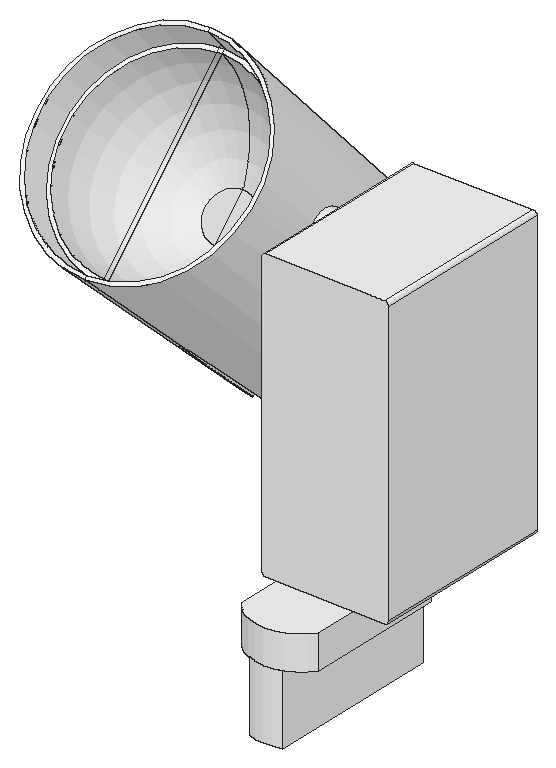
Revit family "0004814 Feilo Sylvania Lighting Fixture START TRACK SPOT S 24W 3K RA80 NB WHITE", category Lighting Fixtures, host Face, Revit 2017 (continued)
Definition of nested family "Start Track Spot Head"
  Types (96, lengths in mm): name | Wattage | built-in parameter 1150134 | Photometric Web File | Model | built-in parameter 1150105 | Lumens | built-in parameter 1150107 | built-in parameter 1150106 | HeadThickness_FEILO | HeadRibOffset_FEILO | HeadRibDepth_FEILO | HeadRibCutWidth_FEILO | HeadRibCutOffset_FEILO | HeadReflectorRadius_FEILO | HeadReflectorOffset_FEILO | HeadLEDRadius_FEILO | HeadHeight_FEILO | HeadDiffusorOffset_FEILO | HeadDiaOut_FEILO | HeadDiaIn_FEILO | HeadAxisFromTop_FEILO | Emit from Circle Diameter | built-in parameter 1150104 | Description | Apparent Load
    0004812 START TRACK SPOT S 14W 3K RA80 MB WHITE | 14 W | (empty or 0) | "0004812.ies" | "START TRACK SPOT S 14W 3K RA80 MB WHITE" | 120.32 (stored number, unit not read) | 1512 lm | 3000 (stored number, unit not read) | 1.2032 (stored number, unit not read) | 1.5 | 4.179 | 55.714 | 7.167 | 50.87 | 50.588 | 55.714 | 9.556 | 117 | 9.435 | 86 | 77.477 | 69.354 | 77.477 | 10.034 (stored number, unit not read) | "Integrated LED spotlight, Textured White - RAL9016, compact and minimalist design, ideal for retail applications, die-cast aluminium body, passive cooling heatsink. Beam angle: 36°, color temperature: 3000K , total system power: 14W, total fixture output: 1508 lm, LOR: 100%, colour rendering: Ra: 80 typical, LED Chromaticity: 3 step MacAdam ellipse, lifetime: >50000 hours at L70B50, energy class: A++, A+, A, IR/UV free light source without heat radiation, operating voltage: 220-240V / 50-60Hz, drive current: 350mA, electronic driver, non-dimmable, power factor: 0.92, electrical protection: Class II, Global Track 3 Phase adapter suitable for Global trac 3-circuit tracks, ingress protection rating: IP20, suitable for internal environment only, horizontal rotation: 355°, vertical tilt: 90°, dimensions: Ø86x140x200, weight: 0.940kg." | 14 VA
    0004811 START TRACK SPOT S 14W 3K RA80 NB WHITE | 14 W | (empty or 0) | "0004811.ies" | "START TRACK SPOT S 14W 3K RA80 NB WHITE" | 123.66 (stored number, unit not read) | 1554 lm | 3000 (stored number, unit not read) | 1.2366 (stored number, unit not read) | 1.5 | 4.179 | 55.714 | 7.167 | 50.87 | 50.588 | 55.714 | 9.556 | 117 | 9.435 | 86 | 77.477 | 69.354 | 77.477 | 10.312 (stored number, unit not read) | "Integrated LED spotlight, Textured White - RAL9016, compact and minimalist design, ideal for retail applications, die-cast aluminium body, passive cooling heatsink. Beam angle: 12°, color temperature: 3000K , total system power: 14W, total fixture output: 1551 lm, LOR: 100%, colour rendering: Ra: 80 typical, LED Chromaticity: 3 step MacAdam ellipse, lifetime: >50000 hours at L70B50, energy class: A++, A+, A, IR/UV free light source without heat radiation, operating voltage: 220-240V / 50-60Hz, drive current: 350mA, electronic driver, non-dimmable, power factor: 0.92, electrical protection: Class II, Global Track 3 Phase adapter suitable for Global trac 3-circuit tracks, ingress protection rating: IP20, suitable for internal environment only, horizontal rotation: 355°, vertical tilt: 90°, dimensions: Ø86x140x200, weight: 0.940kg." | 14 VA
  Reference planes
    plane 1 "Center (Front/Back)": y = 0
    plane 2: z = 0
    plane 3 "Center (Left/Right)": x = 0
    plane 4: x = 43
    plane 5: x = -43
    plane 6: x = -38.739
    plane 7: x = 38.739
    plane 8: z = 69.354
    plane 9: z = -47.646
    plane 10: x = -41.5
    plane 11: x = -37.239
    plane 12: z = -38.211
    plane 13: z = -35.211
    plane 14: z = 8.068
    plane 15: x = -9.556
    plane 16: x = -28.667
    plane 17: x = -19.111
    plane 18: x = -27.167
    plane 19: x = -17.611
    plane 20: x = -8.056
    plane 21: z = 13.64
    plane 22: x = -29.667
    plane 23: x = -26.167
    plane 24: x = -20.111
    plane 25: x = -16.611
    plane 26: x = -10.556
    plane 27: x = -7.056
    plane 28: x = -36.239
    plane 29: x = -40.5
    plane 30: z = 65.175
    plane 31: z = 60.997
    plane 32: z = 56.818
    plane 33: z = 18.484
    plane 34: y = -43
    plane 35: y = 43
    plane 36: y = 3.583
    plane 37: y = -3.583
    plane 38: y = -2.583
    plane 39: y = 2.583
    plane 40: y = 46
    plane 41: z = 13.5
    plane 42: z = -13.5
    plane 43: y = 39
    plane 44: x = 4.708
    plane 45: x = -2.458
    plane 46: x = -1.458
    plane 47: x = 1.458
  Forms (mm)
    Extrusion 1, solid
      sketch origin (4.2, 0, 0) x (1, 0, 0) y (0, 1, 0)
        loop
          line (-1219.2, 1219.2) -> (-1219.2, -1219.2) -> (1219.2, -1219.2) -> (1219.2, 1219.2) -> (-1219.2, 1219.2)
      from 0 to -68.017
    Revolve 2, solid, material <- "Material_1_FEILO", detail levels medium+fine
      sketch origin (0, 0, 0) x (1, 0, 0) y (0, 0, 1)
        loop
          line (-43, -47.646) -> (-41.5, -47.646) -> (-40.5, -35.211) -> (-38.739, -35.211)
          arc (-38.739, -35.211) -> (-30.16, -9.517) -> (-9.556, 8.068) r 50.588
          line (-9.556, 8.068) -> (0, 8.068) -> (0, 13.64) -> (-16.611, 13.64) -> (-17.611, 60.997) -> (-19.111, 60.997) -> (-20.111, 13.64) -> (-36.239, 13.64) -> (-37.239, 69.354) -> (-38.739, 69.354) -> (-43, -47.646)
        axis (0, 69.354) -> (0, -47.646)
      angle from 360 to 0
    Extrusion 3, void
      sketch origin (0, 0, 0) x (0, 1, 0) y (0, 0, 1)
        loop
          line (-3.583, 69.354) -> (-2.583, 18.484) -> (1.932, 18.484) -> (2.932, 69.354) -> (-3.583, 69.354)
      from 43 to -43
    Revolve 4, solid, material <- "Material_2_FEILO", detail levels medium+fine
      sketch origin (0, 0, 0) x (1, 0, 0) y (0, 0, 1)
        loop
          line (-41.5, -38.211) -> (0, -38.211) -> (0, -35.211) -> (-41.5, -35.211) -> (-41.5, -38.211)
        axis (0, -35.211) -> (0, -38.211)
      angle from 360 to 0
    Revolve 5, solid, material <- "Material_1_FEILO"
      sketch origin (0, 0, 0) x (0, 1, 0) y (0, 0, 1)
        loop
          line (46, 0) -> (39, 0) -> (39, -13.5) -> (46, -13.5) -> (46, 0)
        axis (39, 0) -> (46, 0)
      angle from 360 to 0
    Revolve 6, solid, material <- "Material_1_FEILO", detail levels medium+fine
      sketch origin (0, 0, 0) x (1, 0, 0) y (0, 0, 1)
        loop
          line (-29.667, 13.64) -> (-26.167, 13.64) -> (-27.167, 65.175) -> (-28.667, 65.175) -> (-29.667, 13.64)
        loop
          line (-10.556, 13.64) -> (-7.056, 13.64) -> (-7.833, 56.818) -> (-9.778, 56.818) -> (-10.556, 13.64)
        axis (0, 65.175) -> (0, 13.64)
      angle from 360 to 0
    Extrusion 7, void
      sketch origin (0, 0, 0) x (1, 0, 0) y (0, 0, 1)
        loop
          line (4.708, 69.354) -> (-2.458, 69.354) -> (-1.458, 13.64) -> (1.458, 13.64) -> (4.708, 69.354)
      from -43 to 43
    Revolve 8, solid, material <- "Material_1_FEILO", detail levels coarse
      sketch origin (0, 0, 0) x (1, 0, 0) y (0, 0, 1)
        loop
          line (0, 69.354) -> (-38.739, 69.354) -> (-43, -47.646) -> (-41.5, -47.646) -> (-40.731, -38.211) -> (0, -38.211) -> (0, 69.354)
        axis (0, 69.354) -> (0, -47.646)
      angle from 360 to 0
  Cuts and joins
    Extrusion 3 cuts Revolve 2
    Extrusion 7 cuts Revolve 6
  Dimensions and locks
    equal spacing: plane 7, plane 3 "Center (Left/Right)", plane 6
    equal spacing: plane 4, plane 3 "Center (Left/Right)", plane 5
    "HeadDiaOut_FEILO": plane 4 to plane 5
    "HeadDiaIn_FEILO": plane 7 to plane 6
    "HeadHeight_FEILO": plane 8 to plane 9
    "HeadThickness_FEILO": plane 10 to plane 5
    "HeadThickness_FEILO": plane 11 to plane 6
    "HeadDiffusorOffset_FEILO": plane 12 to plane 9
    "HeadDiffusorThickness_FEILO": plane 13 to plane 12
    "HeadReflectorOffset_FEILO": plane 14 to plane 9
    "HeadLEDRadius_FEILO": plane 3 "Center (Left/Right)" to plane 15
    "HeadLEDRadius_FEILO": plane 15 to plane 17
    "HeadLEDRadius_FEILO": plane 17 to plane 16
    "HeadThickness_FEILO": plane 18 to plane 16
    "HeadThickness_FEILO": plane 19 to plane 17
    "HeadThickness_FEILO": plane 20 to plane 15
    "HeadRibDepth_FEILO": plane 8 to plane 21
    "HeadDraft_FEILO": plane 16 to plane 22
    "HeadDraft_FEILO": plane 23 to plane 18
    "HeadDraft_FEILO": plane 17 to plane 24
    "HeadDraft_FEILO": plane 25 to plane 19
    "HeadDraft_FEILO": plane 15 to plane 26
    "HeadDraft_FEILO": plane 27 to plane 20
    "HeadDraft_FEILO": plane 29 to plane 10
    "HeadDraft_FEILO": plane 28 to plane 11
    "HeadRibOffset_FEILO": plane 8 to plane 30
    "HeadRibOffset_FEILO": plane 30 to plane 31
    "HeadRibOffset_FEILO": plane 31 to plane 32
    "HeadAxisFromTop_FEILO": plane 8 to plane 2
    "HeadRibCutOffset_FEILO": plane 8 to plane 33
    equal spacing: plane 34, plane 1 "Center (Front/Back)", plane 35
    "HeadDiaOut_FEILO": plane 34 to plane 35
    equal spacing: plane 38, plane 1 "Center (Front/Back)", plane 39
    equal spacing: plane 37, plane 1 "Center (Front/Back)", plane 36
    "HeadRibCutWidth_FEILO": plane 37 to plane 36
    "HeadDraft_FEILO": plane 37 to plane 38
    locked: plane 35 to plane 40 at 3
    equal spacing: plane 41, plane 2, plane 42
    locked: plane 42 to plane 41 at 27
    locked: plane 43 to plane 35 at 4
    equal spacing: plane 45, imposter light, plane 44
    "HeadDraft_FEILO": plane 46 to plane 45
    "HeadRibCutWidth_FEILO": plane 44 to plane 45
    equal spacing: plane 47, plane 3 "Center (Left/Right)", plane 46
    "HeadReflectorRadius_FEILO": radius of Revolve 2 sketch curve
    aligned and locked: plane 2 to Extrusion 1
    aligned and locked: level to Extrusion 1
    aligned and locked: Revolve 2 sketch curve to plane 3 "Center (Left/Right)"  (x2)
    aligned and locked: plane 9 to Revolve 2 sketch curve  (x2)
    aligned and locked: plane 5 to Revolve 2 sketch curve
    aligned and locked: plane 10 to Revolve 2 sketch curve
    aligned and locked: plane 14 to Revolve 2 sketch curve
    aligned and locked: plane 8 to Revolve 2 sketch curve
    aligned and locked: Revolve 2 sketch curve to plane 13
    aligned and locked: plane 12 to Revolve 4 sketch curve
    aligned and locked: plane 3 "Center (Left/Right)" to Revolve 4 sketch curve
    aligned and locked: Revolve 4 sketch curve to plane 10
    aligned and locked: Revolve 4 sketch curve to plane 3 "Center (Left/Right)"
    aligned and locked: plane 12 to imposter light
    aligned and locked: imposter light to plane 1 "Center (Front/Back)"
    aligned and locked: Revolve 5 sketch curve to plane 2
    aligned and locked: plane 43 to Revolve 5 sketch curve
    aligned and locked: plane 42 to Revolve 5 sketch curve
    aligned and locked: Revolve 6 sketch curve to plane 3 "Center (Left/Right)"
    aligned and locked: plane 22 to Revolve 6 sketch curve
    aligned and locked: plane 30 to Revolve 6 sketch curve
    aligned and locked: plane 23 to Revolve 6 sketch curve
    aligned and locked: Revolve 6 sketch curve to plane 21  (x2)
    aligned and locked: plane 21 to Revolve 6 sketch curve
    aligned and locked: plane 17 to Revolve 2 sketch curve
    aligned and locked: plane 19 to Revolve 2 sketch curve
    aligned and locked: plane 31 to Revolve 2 sketch curve
    aligned and locked: plane 21 to Revolve 2 sketch curve
    aligned and locked: Extrusion 3 to plane 8
    aligned and locked: plane 33 to Extrusion 3
    aligned and locked: plane 8 to Extrusion 3 sketch curve
    aligned and locked: Extrusion 3 sketch curve to plane 33
    aligned and locked: Extrusion 3 to plane 5
    aligned and locked: plane 4 to Extrusion 3
    aligned and locked: plane 32 to Revolve 6 sketch curve
    aligned and locked: plane 44 to Extrusion 7 sketch curve
    aligned and locked: Extrusion 7 sketch curve to plane 8
    aligned and locked: plane 46 to Extrusion 7 sketch curve
    aligned and locked: plane 21 to Extrusion 7 sketch curve
    aligned and locked: plane 34 to Extrusion 7
    aligned and locked: Extrusion 7 to plane 35
    aligned and locked: Revolve 4 sketch curve to plane 13
    aligned and locked: Revolve 5 sketch curve to plane 40
    aligned and locked: Revolve 8 sketch curve to plane 3 "Center (Left/Right)"
    aligned and locked: Revolve 8 sketch curve to cut or joined group of Revolve 2, Extrusion 3  (x3)
    aligned and locked: plane 5 to Revolve 8 sketch curve
    aligned and locked: plane 3 "Center (Left/Right)" to Revolve 8 sketch curve
    aligned and locked: plane 12 to Revolve 8 sketch curve
  Automatic sketch dimensions
    Extrusion 1 sketch curve to Extrusion 1 sketch curve = 2438.4 mm  (x2)
    Extrusion 3 sketch curve to plane 37 = 0 mm
    Extrusion 3 sketch curve to plane 38 = 0 mm
    plane 39 to Extrusion 3 sketch curve = 0.651 mm
    Extrusion 3 sketch curve to plane 39 = 0.349 mm
    Revolve 6 sketch curve to plane 16 = 0 mm
    Revolve 6 sketch curve to plane 18 = 0 mm
    Revolve 6 sketch curve to plane 26 = 0 mm
    Revolve 6 sketch curve to plane 27 = 0 mm
    Revolve 6 sketch curve to plane 15 = 0.222 mm
    plane 9 to Revolve 6 sketch curve = 559.103 mm
    Revolve 6 sketch curve to plane 8 = 2535.555 mm
    plane 20 to Revolve 6 sketch curve = 0.222 mm
    Revolve 2 sketch curve to plane 29 = 0 mm
    Revolve 2 sketch curve to plane 6 = 0 mm  (x2)
    Revolve 2 sketch curve to plane 11 = 0 mm
    Revolve 2 sketch curve to plane 21 = 0 mm
    Revolve 2 sketch curve to plane 28 = 0 mm
    Revolve 2 sketch curve to plane 24 = 0 mm
    Revolve 2 sketch curve to plane 25 = 0 mm
    Revolve 2 sketch curve to plane 15 = 0 mm
    Revolve 2 sketch curve to Revolve 2 sketch curve = 557.155 mm
    Revolve 2 sketch curve to plane 8 = 2535.558 mm
    Extrusion 7 sketch curve to plane 45 = 0 mm
    Extrusion 7 sketch curve to plane 47 = 0 mm
    plane 9 to Revolve 4 sketch curve = 559.103 mm
    Revolve 4 sketch curve to plane 8 = 2535.555 mm
    Revolve 5 sketch curve to level = 0 mm
    plane 34 to Revolve 5 sketch curve = 1968.092 mm
    Revolve 5 sketch curve to plane 40 = 1405.763 mm
    Revolve 8 sketch curve to plane 6 = 0 mm
    Revolve 8 sketch curve to plane 29 = 0.231 mm
    plane 9 to Revolve 8 sketch curve = 559.103 mm
    Revolve 8 sketch curve to Revolve 8 sketch curve = 2535.555 mm
Definition of nested family "Start Track Spot Box"
  Parameters (values of type "Type Large White")
    URL = "http://www.feilosylvania.com"
    Type Image = (empty or 0)
    Type Comments = "n/a"
    Small_FEILO = no
    Material_3_FEILO = none
    Model = ""
    Manufacturer = "Feilo Sylvania"
    Keynote = ""
    Material_2_FEILO = none
    Description = ""
    Default Elevation = 1219.2 mm
    Cost = 0
    Material_1_FEILO = none
    BoxWidth_FEILO = 49 mm
    BoxStartAngle_FEILO [instance] = 0.00°
    BoxRadius_FEILO = 1.5 mm
    BoxHeight_FEILO = if(Small_FEILO, 112 mm, 136 mm)  # 136 mm
    BoxEndAngle_FEILO [instance] = BoxStartAngle_FEILO - 180.00°  # -180.00°
    BoxDepth_FEILO = if(Small_FEILO, 71.5 mm, 79 mm)  # 79 mm
    BoxAxisVerticalOffset_FEILO = 16 mm
    BoxAxisOffset_FEILO = BoxHeight_FEILO / 6.8  # 20 mm
    Assembly Code = ""
    Material_4_FEILO = none
  Types (4, lengths in mm): name | Small_FEILO | BoxHeight_FEILO | BoxDepth_FEILO | BoxAxisOffset_FEILO
    Type Large White | no | 136 | 79 | 20
    Type Small White | yes | 112 | 71.5 | 16.471
    Type Small Black | yes | 112 | 71.5 | 16.471
    Type Large Black | no | 136 | 79 | 20
  Reference planes
    plane 1 "Center (Front/Back)": y = 0
    plane 2: z = 0
    plane 3 "Center (Left/Right)": x = 0
    plane 4: x = 24.5
    plane 5: x = -24.5
    plane 6: y = 68
    plane 7: y = -68
    plane 8: z = 39.5
    plane 9: z = -39.5
    plane 10: y = -48
    plane 11: x = 30.5
    plane 12: x = 8.5
    plane 13: x = 21.5
    plane 14: y = 70
    plane 15: y = 72
    plane 16: x = 19.5
  Forms (mm)
    Extrusion 1, solid
      sketch origin (4.2, 0, 0) x (1, 0, 0) y (0, 1, 0)
        loop
          line (-1219.2, 1219.2) -> (-1219.2, -1219.2) -> (1219.2, -1219.2) -> (1219.2, 1219.2) -> (-1219.2, 1219.2)
      from 0 to -68.017
    Extrusion 2, solid, material <- "Material_1_FEILO"
      sketch origin (0, 0, 0) x (1, 0, 0) y (0, 1, 0)
        loop
          arc (-23, 68) -> (-24.061, 67.561) -> (-24.5, 66.5) r 1.5
          line (-24.5, 66.5) -> (-24.5, -66.5)
          arc (-24.5, -66.5) -> (-24.061, -67.561) -> (-23, -68) r 1.5
          line (-23, -68) -> (23, -68)
          arc (23, -68) -> (24.061, -67.561) -> (24.5, -66.5) r 1.5
          line (24.5, -66.5) -> (24.5, 66.5)
          arc (24.5, 66.5) -> (24.061, 67.561) -> (23, 68) r 1.5
          line (23, 68) -> (-23, 68)
      from -39.5 to 39.5
    Revolve 3, solid, not visible
      sketch origin (0, 0, 0) x (1, 0, 0) y (0, 1, 0)
        loop
          line (30.5, -48) -> (24.5, -48) -> (24.5, -68) -> (30.5, -68) -> (30.5, -48)
        axis (30.5, -48) -> (24.5, -48)
      angle from 0 <- "BoxStartAngle_FEILO" to -180 <- "BoxEndAngle_FEILO"
    Revolve 4, solid, material <- "Material_2_FEILO"
      sketch origin (0, 0, 0) x (1, 0, 0) y (0, 1, 0)
        loop
          line (8.5, 68) -> (19.5, 68) -> (19.5, 70) -> (21.5, 70) -> (21.5, 72) -> (8.5, 72) -> (8.5, 68)
        axis (8.5, 72) -> (8.5, 68)
      angle from 360 to 0
  Dimensions and locks
    equal spacing: plane 5, plane 3 "Center (Left/Right)", plane 4
    "BoxWidth_FEILO": plane 5 to plane 4
    equal spacing: plane 7, plane 1 "Center (Front/Back)", plane 6
    "BoxHeight_FEILO": plane 7 to plane 6
    equal spacing: plane 8, plane 2, plane 9
    "BoxDepth_FEILO": plane 8 to plane 9
    "BoxAxisOffset_FEILO": plane 7 to plane 10
    locked: plane 4 to plane 11 at 6
    "BoxAxisVerticalOffset_FEILO": plane 12 to plane 4
    locked: plane 12 to plane 13 at 13
    plane 6 to plane 14 to plane 15 = 2 mm locked, 2 mm locked
    locked: plane 12 to plane 16 at 11
    "BoxRadius_FEILO": radius of Extrusion 2 sketch curve  (x4)
    aligned and locked: plane 2 to Extrusion 1
    aligned and locked: level to Extrusion 1
    aligned and locked: plane 6 to Extrusion 2 sketch curve
    aligned and locked: plane 5 to Extrusion 2 sketch curve
    aligned and locked: Extrusion 2 sketch curve to plane 7
    aligned and locked: Extrusion 2 sketch curve to plane 4
    aligned and locked: Extrusion 2 to plane 8
    aligned and locked: plane 9 to Extrusion 2
    aligned and locked: Revolve 3 sketch curve to plane 10  (x2)
    aligned and locked: plane 11 to Revolve 3 sketch curve
    aligned and locked: Revolve 3 sketch curve to plane 4
    aligned and locked: plane 7 to Revolve 3 sketch curve
    aligned and locked: Revolve 4 sketch curve to plane 12
    aligned and locked: plane 6 to Revolve 4 sketch curve
    aligned and locked: plane 12 to Revolve 4 sketch curve
    aligned and locked: plane 15 to Revolve 4 sketch curve
    aligned and locked: Revolve 4 sketch curve to plane 13
    aligned and locked: Revolve 4 sketch curve to plane 14
    aligned and locked: Revolve 4 sketch curve to plane 16
    aligned and locked: Revolve 4 sketch curve to plane 6
  Automatic sketch dimensions
    Extrusion 1 sketch curve to Extrusion 1 sketch curve = 2438.4 mm  (x2)
    Revolve 3 sketch curve to plane 5 = 1499.5 mm
    plane 11 to Revolve 3 sketch curve = 1493.5 mm
    plane 15 to Revolve 4 sketch curve = 0 mm
    plane 7 to Revolve 4 sketch curve = 1456 mm
    Revolve 4 sketch curve to plane 15 = 1452 mm
